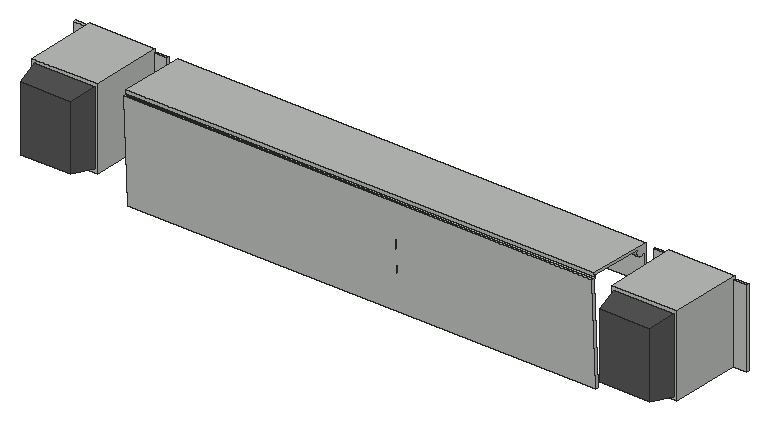
Revit family "DockLeveler_MDC-M-Series_BlueGiant_Edge-of-Dock", category Generic Models, host Face, Revit 2026
Family settings
  Host = Face
  Can host rebar = No
  Round Connector Dimension = Use Diameter
  Part Type = Normal
  Classification Number = 23.50.70.14.14
  Cut with Voids When Loaded = No
  Maintain Annotation Orientation = No
  Shared = No
  Room Calculation Point = No
Parameters (values of type "MDC7825M")
  Warranty Duration (Years) = 0
  Unit Width = 9' - 4"
  Unit Height = 1' - 5 1/2"
  Unit Depth = 1' - 4"
  URL = "http://www.bluegiant.com/"
  Textured Surface [instance] = Metal - Blue Giant - Textured Surface
  Test Data = ""
  Specification = "http://www.arcat.com/sdspecs/htm/11160blu.htm"
  SpecWizard = "http://www.arcat.com/specwizard/11160blu/index.htm?mf=&coid=38505"
  Send Message = "http://www.arcat.com/users.pl?action=UserEmail&amp;company=Blue+Giant+Equipment+Corp.&amp;coid=38505&amp;rep=119&amp;fax=905-457-2313&amp;mf=95"
  Sales Information = "http://www.bluegiant.com/Loading_Dock_Dealer_Locations.html"
  Revision = "R1_06_2014"
  Product Properties = ""
  Product Data = "http://www.arcat.com/arcatcos/cos38/arc38505.html"
  Mounting Type_Two Piece Angle Plate [instance] = no
  Mounting Type_Preinstalled Curb Angle [instance] = yes
  Mounting Type_One Piece Angle Plate [instance] = no
  Mounting Type_8in Pour In Channel [instance] = no
  Mounting Option Offset [instance] = if(or(Mounting Type_8in Pour In Channel, Mounting Type_Preinstalled Curb Angle), 0' 0", 0' 0 1/4")  # 0' - 0"
  Model = "MDC7825M"
  Manufacturer Website = "http://www.bluegiant.com/"
  Manufacturer Phone - Toll Free = "800-668-7078"
  Manufacturer Phone = "905-457-3900"
  Manufacturer Fax = "905-457-2313"
  Manufacturer Address = "85 Heart Lake Rd. S.; Brampton; ON; Canada L6W 3K2"
  Manufacturer = "Blue Giant Equipment Corp."
  Maintenance Schedule (Months) = 0
  Keynote = "11160"
  Installation-Fabrication = "http://www.bluegiant.com/Guide/Loading_Dock_Equipment.html"
  Installation Phase = ""
  Green Building-LEED = "http://www.arcat.com/green/clients/leed_data_38505.html"
  Fixture Material = Metal - Blue Giant - Finish as Specified
  Expected Lifespan (Years) = 0
  Drawn By = "Sumex Design, Inc. / Robert S. Weygant, CSI, CDT, SCIP"
  Description = "Blue Giant MDC7825M Mechanical EOD Dock Leveler as Specified"
  Default Elevation = 0' - 0"
  Deck Width = 6' - 6"
  Deck Length = 2' - 3"
  Copyright = "©Arcat Inc."
  Construction Details = "http://www.arcat.com/details/bluegian/bluegian.html?coid=38505"
  Capacity = "30000 lbs"
  Bumper Housing Finish [instance] = Metal - Blue Giant - Finish as Specified
  Bumper Finish [instance] = Rubber - Blue Giant - Black
  Building Codes = ""
  Assembly Code = "E1030300"
Types (7): name | Unit Width | Model | Description | Deck Width | Capacity
  MDC7825M | 9' - 4" | "MDC7825M" | "Blue Giant MDC7825M Mechanical EOD Dock Leveler as Specified" | 6' - 6" | "30000 lbs"
  MDC7230M | 8' - 10" | "MDC7230M" | "Blue Giant MDC7230M Mechanical EOD Dock Leveler as Specified" | 6' - 0" | "30000 lbs"
  MDC7225M | 8' - 10" | "MDC7225M" | "Blue Giant MDC7225M Mechanical EOD Dock Leveler as Specified" | 6' - 0" | "25000 lbs"
  MDC7220M | 8' - 10" | "MDC7220M" | "Blue Giant MDC7220M Mechanical EOD Dock Leveler as Specified" | 6' - 0" | "20000 lbs"
  MDC6630M | 8' - 4" | "MDC6630M" | "Blue Giant MDC6630M Mechanical EOD Dock Leveler as Specified" | 5' - 6" | "30000 lbs"
  MDC6625M | 8' - 4" | "MDC6625M" | "Blue Giant MDC6625M Mechanical EOD Dock Leveler as Specified" | 5' - 6" | "25000 lbs"
  MDC6620M | 8' - 4" | "MDC6620M" | "Blue Giant MDC6620M Mechanical EOD Dock Leveler as Specified" | 5' - 6" | "20000 lbs"
Reference planes (in)
  plane 1 "Center (Front/Back)": y = 14.76898
  plane 2: z = 0
  plane 3 "Center (Left/Right)": x = 0
  plane 4: x = -56
  plane 5: x = 56
  plane 6 "Dock Wall": y = 22.76898
  plane 7: z = -17.5
  plane 8: y = 15.76898
  plane 9: y = 6.76898
  plane 10: x = -39
  plane 11: x = 39
  plane 12: x = 55.375
  plane 13: x = -55.375
  plane 14: y = 22.76898
Forms (in)
  Extrusion 1, solid, material "Metal - Blue Giant - Finish as Specified" <- "Bumper Housing Finish"
    sketch origin (0, 0, 0) x (1, 0, 0) y (0, 1, 0)
      loop
        line (-53.71875, 22.76898) -> (-56, 22.76898) -> (-56, 22.39398) -> (-53.71875, 22.39398) -> (-53.71875, 22.76898)
      loop
        line (-42.78125, 22.76898) -> (-42.78125, 22.39398) -> (-40.5, 22.39398) -> (-40.5, 22.76898) -> (-42.78125, 22.76898)
      loop
        line (53.71875, 22.76898) -> (53.71875, 22.39398) -> (56, 22.39398) -> (56, 22.76898) -> (53.71875, 22.76898)
      loop
        line (42.78125, 22.76898) -> (40.5, 22.76898) -> (40.5, 22.39398) -> (42.78125, 22.39398) -> (42.78125, 22.76898)
    from -0.375 to -13.375
  Extrusion 2, solid, material "Metal - Blue Giant - Finish as Specified" <- "Bumper Housing Finish"
    sketch origin (0, 0, 0) x (1, 0, 0) y (0, 1, 0)
      loop
        line (-53.71875, 22.76898) -> (-53.71875, 10.76898) -> (-42.78125, 10.76898) -> (-42.78125, 22.76898) -> (-53.71875, 22.76898)
      loop
        line (53.71875, 22.76898) -> (42.78125, 22.76898) -> (42.78125, 10.76898) -> (53.71875, 10.76898) -> (53.71875, 22.76898)
    from 0 to -13.375
  Blend 3, solid, material "Rubber - Blue Giant - Black" <- "Bumper Finish"
    base sketch origin (-23.95094, 6.76898, 48) x (-1, 0, 0) y (0, 0, 1)
      loop
        line (29.26781, -60.875) -> (29.26781, -48.5) -> (19.33031, -48.5) -> (19.33031, -60.875) -> (29.26781, -60.875)
    top sketch origin (-23.95094, 6.76898, 48) x (-1, 0, 0) y (0, 0, 1)
      loop
        line (28.51781, -60.125) -> (28.51781, -49.25) -> (20.08031, -49.25) -> (20.08031, -60.125) -> (28.51781, -60.125)
    from 4 to 0
  Blend 4, solid, material "Rubber - Blue Giant - Black" <- "Bumper Finish"
    base sketch origin (-23.95094, 6.76898, 48) x (-1, 0, 0) y (0, 0, 1)
      loop
        line (-77.16969, -60.875) -> (-67.23219, -60.875) -> (-67.23219, -48.5) -> (-77.16969, -48.5) -> (-77.16969, -60.875)
    top sketch origin (-23.95094, 6.76898, 48) x (-1, 0, 0) y (0, 0, 1)
      loop
        line (-76.41969, -60.125) -> (-67.98219, -60.125) -> (-67.98219, -49.25) -> (-76.41969, -49.25) -> (-76.41969, -60.125)
    from 4 to 0
  Sweep 5, solid, material "Metal - Blue Giant - Finish as Specified" <- "Fixture Material"
    path origin (-54, 22.76898, 48) x (-1, 0, 0) y (0, 0, 1)
      loop
        line (-15, -65.5) -> (-93, -65.5)
    profile origin (0, 22.76898, -17.5) x (0, 0, -1) y (0, 1, 0)
      loop
        line (-16.5625, -0.375) -> (-11.5, -0.375) -> (-11.5, 0) -> (-17.29545, 0)
        arc (-17.29545, 0) -> (-17.48879, -5.40871) -> (-17.47982, -10.82086) r 144.77021
        line (-17.47982, -10.82086) -> (-16.90619, -10.79099) -> (-16.76015, -10.91484) -> (-16.74099, -11.29044)
        arc (-16.74099, -11.29044) -> (-8.35382, -11.17921) -> (0, -10.42372) r 109.06128
        line (0, -10.42372) -> (0, -10.04559)
        arc (0, -10.04559) -> (-8.29118, -10.80043) -> (-16.61581, -10.91842) r 108.68628
        line (-16.61581, -10.91842) -> (-16.61581, -10.61626) -> (-17.1199, -10.61626)
        arc (-17.1199, -10.61626) -> (-17.13584, -6.16894) -> (-17.01483, -1.72325) r 144.40634
        arc (-17.01483, -1.72325) -> (-15.85145, -1.36355) -> (-16.5625, -0.375) r 0.75
  Sweep 6, solid, material "Metal - Blue Giant - Finish as Specified" <- "Fixture Material"
    path origin (-54, 22.76898, 48) x (-1, 0, 0) y (0, 0, 1)
      loop
        line (-48, -59.57914) -> (-60, -59.57914)
    profile origin (0, 22.76898, -11.57914) x (0, 0, -1) y (0, 1, 0)
      loop
        line (-5.57914, -3.54586) -> (-5.57914, -0.375) -> (-9.82914, -0.375) -> (-9.82914, -7.625) -> (-5.57914, -7.625) -> (-5.57914, -5.9187) -> (-3.14144, -8.3564) -> (-6.90021, -9.72448) -> (-6.90021, -10.94376) -> (0, -10.64993) -> (0, -10.14993) -> (-1.5, -10.14993) -> (-1.5, -7.625) -> (-5.57914, -3.54586)
  Extrusion 7, solid, material "Metal - Blue Giant - Finish as Specified" <- "Fixture Material", visible <- "Mounting Type_One Piece Angle Plate"
    sketch origin (0, 0, 0) x (0, 1, 0) y (0, 0, 1)
      loop
        line (22.76898, 0) -> (35.51898, 0) -> (35.51898, 0.25) -> (22.51898, 0.25) -> (22.51898, -9.75) -> (22.76898, -9.75) -> (22.76898, 0)
    from -39 to 39
  Extrusion 8, solid, material "Metal - Blue Giant - Finish as Specified" <- "Fixture Material", visible <- "Mounting Type_Two Piece Angle Plate"
    sketch origin (0, 0, 0) x (0, 1, 0) y (0, 0, 1)
      loop
        arc (22.76898, 0.25) -> (22.59221, 0.17678) -> (22.51898, 0) r 0.25
        line (22.51898, 0) -> (22.51898, -10) -> (22.76898, -10) -> (22.76898, 0) -> (35.76898, 0) -> (35.76898, 0.25) -> (22.76898, 0.25)
    from -39 to 39
  Extrusion 9, solid, material "Metal - Blue Giant - Finish as Specified" <- "Fixture Material", visible <- "Mounting Type_8in Pour In Channel"
    sketch origin (0, 0, 0) x (0, 1, 0) y (0, 0, 1)
      loop
        line (22.76898, 0) -> (22.76898, -8) -> (25.76898, -8) -> (25.76898, -7.75) -> (23.01898, -7.75) -> (23.01898, -0.25) -> (25.76898, -0.25) -> (25.76898, 0) -> (22.76898, 0)
    from -39 to 39
Lines and regions (in)
  model lines, style "InvisibleLines"
    curve 1: line (0, 22.76898, 0) -> (0, 22.76898, 6)
Dimensions and locks (in)
  equal spacing: plane 4, plane 3 "Center (Left/Right)", plane 5
  "Unit Width": plane 4 to plane 5
  "Unit Height": level to plane 7
  equal spacing: plane 6 "Dock Wall", plane 1 "Center (Front/Back)", plane 9
  "Unit Depth": plane 14 to plane 9
  plane 4 to Extrusion 1 sketch curve to Extrusion 1 sketch curve to Extrusion 1 sketch curve = 0' - 2 9/32" locked, 0' - 10 15/16" locked, 0' - 2 9/32" locked
  Extrusion 1 sketch curve to Extrusion 1 sketch curve to Extrusion 1 sketch curve to plane 5 = 0' - 2 9/32" locked, 0' - 10 15/16" locked, 0' - 2 9/32" locked
  equal spacing: plane 10, plane 3 "Center (Left/Right)", plane 11
  "Deck Width": plane 10 to plane 11
  locked: plane 4 to plane 13 at 0.625
  locked: plane 12 to plane 5 at 0.625
  plane 4 to Extrusion 2 sketch curve to Extrusion 2 sketch curve = 0' - 2 9/32" locked, 0' - 10 15/16" locked
  Extrusion 2 sketch curve to Extrusion 2 sketch curve to plane 5 = 0' - 10 15/16" locked, 0' - 2 9/32" locked
  Blend 3 sketch curve to Blend 3 sketch curve to plane 4 = 0' - 8 7/16" locked, 0' - 3 17/32" locked
  Blend 3 sketch curve to Blend 3 sketch curve to plane 4 = 0' - 9 15/16" locked, 0' - 2 25/32" locked
  locked: Blend 4 sketch curve to Blend 4 sketch curve at 8.4375
  locked: Blend 4 sketch curve to Blend 4 sketch curve at 9.9375
  locked: plane 5 to Blend 4 sketch curve at 2.78125
  locked: plane 5 to Blend 4 sketch curve at 3.53125
  "Mounting Option Offset": plane 6 "Dock Wall" to plane 14
  locked: Extrusion 2 sketch curve to plane 9 at 4  (x2)
  locked: plane 14 to Extrusion 1 sketch curve at 0.375  (x4)
  Sweep 6 sketch curve to plane 3 "Center (Left/Right)" to Sweep 6 sketch curve = 0' - 6" locked, 0' - 6" locked
  aligned and locked: plane 2 to host face
  aligned and locked: level to host face
  aligned and locked: Extrusion 1 sketch curve to plane 4
  aligned and locked: Extrusion 1 sketch curve to plane 5
  aligned and locked: plane 11 to Sweep 5 sketch curve
  aligned and locked: plane 10 to Sweep 5 sketch curve
  aligned and locked: Extrusion 2 sketch curve to plane 14
  aligned and locked: plane 14 to Extrusion 2 sketch curve
  aligned and locked: plane 14 to Extrusion 1 sketch curve  (x2)
  aligned and locked: Extrusion 1 sketch curve to plane 14  (x2)
  aligned and locked: plane 11 to Extrusion 9
  aligned and locked: Extrusion 9 to plane 10
  aligned and locked: plane 11 to Extrusion 8
  aligned and locked: Extrusion 8 to plane 10
  aligned and locked: plane 11 to Extrusion 7
  aligned and locked: Extrusion 7 to plane 10
Automatic sketch dimensions
  host sketch curve to host sketch curve = 8' - 8"
  host sketch curve to host sketch curve = 2' - 1.23102"
  plane 7 to Blend 4 sketch curve = 0' - 4 5/8"
  Blend 4 sketch curve to level = 0' - 0 1/2"
  plane 7 to Blend 4 sketch curve = 0' - 5 3/8"
  Blend 4 sketch curve to level = 0' - 1 1/4"
  plane 7 to Blend 3 sketch curve = 0' - 4 5/8"
  Blend 3 sketch curve to level = 0' - 0 1/2"
  plane 7 to Blend 3 sketch curve = 0' - 5 3/8"
  Blend 3 sketch curve to level = 0' - 1 1/4"
  Sweep 5 sketch curve to plane 7 = 0' - 0"
  Sweep 5 sketch curve to Sweep 5 sketch curve = 0' - 0"  (x4)
  Sweep 5 sketch curve to profile plane = 0' - 0"
  profile plane to Sweep 5 sketch curve = 0' - 11 1/2"
  profile plane to Sweep 5 sketch curve = 1' - 1.99262"
  Sweep 5 sketch curve to Sweep 5 sketch curve = 0' - 5 1/16"
  Sweep 5 sketch curve to plane 14 = 0' - 10.61626"
  Sweep 5 sketch curve to Sweep 5 sketch curve = 0' - 0.05331"
  Sweep 5 sketch curve to Sweep 5 sketch curve = 0' - 0.12518"
  Sweep 5 sketch curve to plane 14 = 0' - 10.91484"
  Sweep 5 sketch curve to Sweep 5 sketch curve = 0' - 0.14434"
  Sweep 5 sketch curve to plane 14 = 0' - 10.79099"
  Sweep 5 sketch curve to Sweep 5 sketch curve = 0' - 0.14604"
  Sweep 5 sketch curve to Sweep 5 sketch curve = 0' - 0.45233"
  Sweep 5 sketch curve to Sweep 5 sketch curve = 0' - 0.21371"
  Sweep 5 sketch curve to Sweep 5 sketch curve = 0' - 0.73295"
  Sweep 5 sketch curve to plane 14 = 0' - 10.82086"
  Sweep 5 sketch curve to Sweep 5 sketch curve = 0' - 0.35992"
  Sweep 5 sketch curve to plane 14 = 0' - 7 7/8"
  Sweep 5 sketch curve to profile plane = 10' - 7.26042"
  Sweep 5 sketch curve to Sweep 5 sketch curve = 0' - 0.37561"
  Sweep 5 sketch curve to Sweep 5 sketch curve = 0' - 0.00358"
  Sweep 5 sketch curve to plane 14 = 0' - 10.42372"
  Sweep 5 sketch curve to Sweep 5 sketch curve = 0' - 0.59825"
  plane 7 to Sweep 6 sketch curve = 0' - 5.92086"
  Sweep 6 sketch curve to plane 14 = 0' - 7 5/8"
  Sweep 6 sketch curve to Sweep 6 sketch curve = 0' - 1 1/2"
  Sweep 6 sketch curve to plane 14 = 0' - 8.3564"
  Sweep 6 sketch curve to Sweep 6 sketch curve = 0' - 1.64144"
  Sweep 6 sketch curve to plane 14 = 0' - 5.9187"
  Sweep 6 sketch curve to Sweep 6 sketch curve = 0' - 2.4377"
  Sweep 6 sketch curve to plane 14 = 0' - 3.54586"
  Sweep 6 sketch curve to Sweep 6 sketch curve = 0' - 0"
  Sweep 6 sketch curve to plane 14 = 0' - 9.72448"
  Sweep 6 sketch curve to Sweep 6 sketch curve = 0' - 1.32107"
  Sweep 6 sketch curve to Sweep 6 sketch curve = 0' - 4 1/4"
  Sweep 6 sketch curve to Sweep 6 sketch curve = 0' - 1.21929"
  Sweep 6 sketch curve to Sweep 6 sketch curve = 0' - 3.02493"
  Sweep 6 sketch curve to Sweep 6 sketch curve = 0' - 0 1/2"
  Sweep 6 sketch curve to Sweep 6 sketch curve = 0' - 1.7063"
  Sweep 6 sketch curve to Sweep 6 sketch curve = 0' - 3.17086"
  profile plane to Sweep 6 sketch curve = 0' - 9.82914"
  curve 1 to plane 3 "Center (Left/Right)" = 0' - 0"
  curve 1 to level = 0' - 0"
  Extrusion 7 sketch curve to plane 6 "Dock Wall" = 0' - 0"
  Extrusion 7 sketch curve to level = 0' - 0"
  Extrusion 7 sketch curve to plane 6 "Dock Wall" = 0' - 0 1/4"
  Extrusion 7 sketch curve to Extrusion 7 sketch curve = 1' - 0 3/4"
  level to Extrusion 7 sketch curve = 0' - 0 1/4"
  plane 7 to Extrusion 7 sketch curve = 0' - 7 3/4"
  Extrusion 8 sketch curve to level = 0' - 0"  (x2)
  level to Extrusion 8 sketch curve = 0' - 0 1/4"
  plane 7 to Extrusion 8 sketch curve = 0' - 7 1/2"
  Extrusion 8 sketch curve to plane 6 "Dock Wall" = 0' - 0"  (x2)
  Extrusion 8 sketch curve to Extrusion 8 sketch curve = 1' - 1"
  Extrusion 9 sketch curve to plane 6 "Dock Wall" = 0' - 0"
  Extrusion 9 sketch curve to level = 0' - 0"
  plane 6 "Dock Wall" to Extrusion 9 sketch curve = 0' - 0 1/4"
  Extrusion 9 sketch curve to Extrusion 9 sketch curve = 0' - 2 3/4"  (x2)
  Extrusion 9 sketch curve to level = 0' - 0 1/4"
  Extrusion 9 sketch curve to Extrusion 9 sketch curve = 0' - 7 1/2"
  Extrusion 9 sketch curve to Extrusion 9 sketch curve = 0' - 0 1/4"
  curve 1 to curve 1 = 0' - 6"
